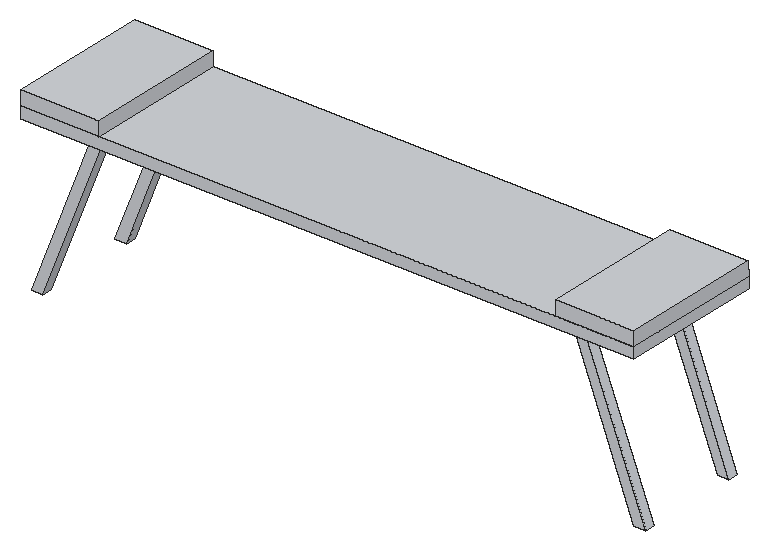
Revit family "АВЛН_Станок лыжный", category Мебель, Revit 2019
Family settings
  Номер OmniClass = 23.40.20.00
  Заголовок OmniClass = General Furniture and Specialties
  На основе рабочей плоскости = Нет
  Всегда вертикально = Да
  При загрузке вырезать с полостями = Нет
  Общий = Нет
  Точка расчета площади = Нет
Parameters (values of type "Станок -профиль на ножках")
  Описание = "Станок -профиль на ножках\r\nАлюминиевый профиль с полимерным покрытием.\r\nНазначение: циклевка, подготовка, обработка, смазка\r\nбеговых лыж от 160 см до 210 см.\r\nВ комплект станка входит:\r\nСтанина (профиль 40 x 20 мм) с упорами для лыжи\r\n(вес – 2,7 кг);\r\nНожки опорные для станка – 2 шт. (вес – 2,0 кг);\r\nПолочка для мазей и утюга;350гр.\r\nЧехол для упаковки и транспортировки станка в\r\nкомплекте. Длина станка 150 см."
  Type Comments = ""
  Keynote = ""
  Изготовитель = "Россия"
  Группа модели = "Оборудование Спортивной зоны"
  ADSK_Размер_Ширина = 500 mm
  ADSK_Размер_Длина = 2150 mm
  ADSK_Размер_Высота = 600 mm
  ADSK_Обозначение = "RU-SKI"
  ADSK_Масса = 0
  ADSK_Код изделия = ""
  ADSK_Единица измерения = "шт"  # constant formula
Reference planes
  plane 1 "По центру (Вперед/Назад)": y = 0
  plane 2: z = 0
  plane 3 "По центру (Влево/Вправо)": x = 0
  plane 4: z = 600
  plane 5: y = 250
  plane 6: x = 1075
  plane 7: x = -1075
  plane 8: y = -250
Forms (mm)
  Extrusion 1, solid
    sketch origin (0, -518.993, 591.902) x (-1, 0, 0) y (0, -1, 0)
      loop
        line (1075, -768.993) -> (1075, -268.993) -> (-1075, -268.993) -> (-1075, -768.993) -> (1075, -768.993)
    from -31.902 to 8.098
  Extrusion 2, solid
    sketch origin (0, 0, 0) x (1, 0, 0) y (0, 0, 1)
      loop
        line (1075, 0) -> (860.036, 560) -> (820.036, 560) -> (1035, 0) -> (1075, 0)
      loop
        line (-1075, 0) -> (-1035, 0) -> (-820.036, 560) -> (-860.036, 560) -> (-1075, 0)
    from -200.054 to -165.441
  Extrusion 3, solid
    sketch origin (0, 0, 0) x (1, 0, 0) y (0, 0, -1)
      loop
        line (1075, 0) -> (1035, 0) -> (820.036, -560) -> (860.036, -560) -> (1075, 0)
      loop
        line (-1075, 0) -> (-860.036, -560) -> (-820.036, -560) -> (-1035, 0) -> (-1075, 0)
    from -200.054 to -165.441
  Extrusion 4, solid
    sketch origin (0, -518.993, 581.406) x (-1, 0, 0) y (0, -1, 0)
      loop
        line (1075, -768.993) -> (1075, -268.993) -> (800, -268.993) -> (800, -768.993) -> (1075, -768.993)
      loop
        line (-1075, -768.993) -> (-800, -768.993) -> (-800, -268.993) -> (-1075, -268.993) -> (-1075, -768.993)
    from 18.594 to 68.594
Dimensions and locks
  plane 2 to plane 4 = 600 mm
  equal spacing: plane 8, plane 1 "По центру (Вперед/Назад)", plane 5
  equal spacing: plane 7, plane 3 "По центру (Влево/Вправо)", plane 6
  "ADSK_Размер_Длина": plane 7 to plane 6
  "ADSK_Размер_Ширина": plane 5 to plane 8
  "ADSK_Размер_Высота": plane 2 to plane 4
  Extrusion 1 to plane 4 = 40 mm
  plane 5 to Extrusion 2 to Extrusion 2 = 49.946 mm locked, 34.614 mm locked
  plane 8 to Extrusion 3 to Extrusion 3 = 49.946 mm locked, 34.614 mm locked
  locked: plane 7 to Extrusion 4 sketch curve at 275
  locked: Extrusion 4 sketch curve to plane 6 at 275
  locked: Extrusion 4 to plane 4 at 50
  locked: plane 7 to Extrusion 2 at 254.964
  locked: plane 7 to Extrusion 3 at 254.964
  locked: Extrusion 2 to plane 6 at 254.964
  locked: Extrusion 3 to plane 6 at 254.964
  aligned and locked: level to plane 2
  aligned and locked: Extrusion 1 sketch curve to plane 5
  aligned and locked: Extrusion 1 sketch curve to plane 7
  aligned and locked: Extrusion 1 sketch curve to plane 6
  aligned and locked: plane 8 to Extrusion 1 sketch curve
  aligned and locked: Extrusion 1 to plane 4
  aligned and locked: level to Extrusion 2 sketch curve
  aligned and locked: Extrusion 1 to Extrusion 2 sketch curve
  aligned and locked: Extrusion 2 sketch curve to Extrusion 1
  aligned and locked: Extrusion 2 sketch curve to level
  aligned and locked: Extrusion 3 to level  (x2)
  aligned and locked: Extrusion 3 to Extrusion 1  (x2)
  aligned and locked: Extrusion 4 sketch curve to Extrusion 1  (x3)
  aligned and locked: plane 8 to Extrusion 4 sketch curve
  aligned and locked: Extrusion 4 sketch curve to plane 5
  aligned and locked: Extrusion 4 sketch curve to plane 8
  aligned and locked: Extrusion 4 to Extrusion 1
Automatic sketch dimensions
  Extrusion 2 sketch curve to plane 7 = 0 mm
  Extrusion 2 sketch curve to plane 6 = 0 mm
  plane 7 to Extrusion 2 sketch curve = 40 mm
  plane 7 to Extrusion 2 sketch curve = 214.964 mm
  Extrusion 2 sketch curve to Extrusion 2 sketch curve = 40 mm  (x2)
  Extrusion 2 sketch curve to plane 6 = 254.964 mm
  Extrusion 2 sketch curve to plane 6 = 40 mm
  Extrusion 3 sketch curve to level = 0 mm  (x2)
  Extrusion 3 sketch curve to plane 7 = 0 mm
  Extrusion 3 sketch curve to plane 6 = 0 mm
  plane 7 to Extrusion 3 sketch curve = 40 mm
  plane 4 to Extrusion 3 sketch curve = 40 mm  (x2)
  plane 7 to Extrusion 3 sketch curve = 214.964 mm
  Extrusion 3 sketch curve to Extrusion 3 sketch curve = 40 mm  (x2)
  Extrusion 3 sketch curve to plane 6 = 254.964 mm
  Extrusion 3 sketch curve to plane 6 = 40 mm
